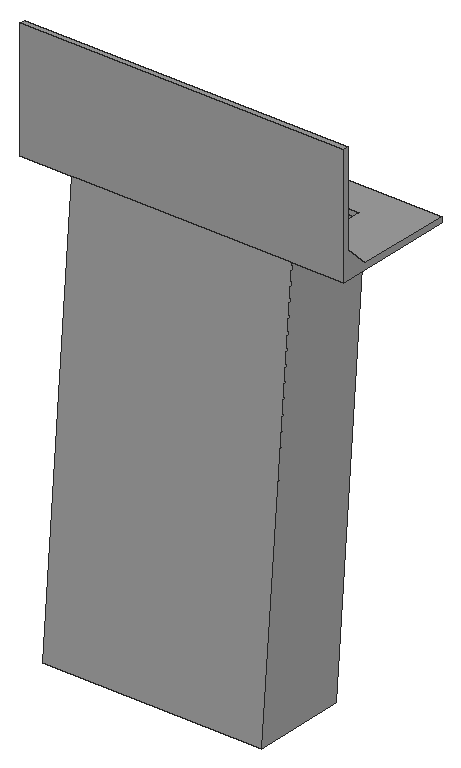
Revit family "Viking Roofspec Scupper 01 M13", category Pipe Fittings, host Face, Revit 2021
Family settings
  Host = Face
  Round Connector Dimension = Use Diameter
  Part Type = Cap
  Cut with Voids When Loaded = Yes
  Shared = No
Parameters (values of type "Scuppers - 200mm x 75mm")
  URL = "www.vikingroofspec.co.nz"
  Type Comments = "Viking Roofspec 200x75mm scupper IMT104, installed as per manufacturers instructions."
  Model = "IMT104"
  Material = Viking Roofspec - Rubber/PVC Grey
  Manufacturer = "Viking Roofspec"  # constant formula
  Leg Cut Offset = 0 mm
  Leg Length Specified [instance] = 389 mm
  Leg Cut Width = 200 mm
  Leg Cut Height = 75 mm
  Flange Cut Width = 5 mm
  Flange Cut Length = 5 mm
  Default Elevation = 0 mm
  Component = IMT104 : IMT104
Reference planes
  plane 1 "Center (Front/Back)": y = 0
  plane 2: z = 0
  plane 3 "Center (Left/Right)": x = 0
  plane 4 "Pipe Connector": z = -116.857
  plane 5: x = -100
  plane 6: x = 100
  plane 7: y = -1.6
  plane 8: y = 73.4
  plane 9: y = -1.6
Forms (mm)
  Extrusion 1, void
    sketch origin (0, 0, 0) x (0, 1, 0) y (0, 0, 1)
      loop
        line (73.4, 0) -> (-1.6, 0) -> (-35.633, -389) -> (39.367, -389) -> (73.4, 0)
    from -100 to 100
  Extrusion 2, void
    sketch origin (0, 0, 0) x (1, 0, 0) y (0, 0, 1)
      loop
        line (-2.5, 5) -> (-2.5, 0) -> (2.5, 0) -> (2.5, 5) -> (-2.5, 5)
    from 0 to 1.6
Lines and regions (mm)
  reference lines
    curve 1: line (0, 73.4, -389) -> (0, -1.6, -389)
Dimensions and locks
  locked: host face to plane 4 "Pipe Connector" at 116.857
  "Leg Length Specified": plane 2 to curve 1
  equal spacing: plane 5, plane 3 "Center (Left/Right)", plane 6
  "Leg Cut Width": plane 5 to plane 6
  "Leg Cut Offset": plane 9 to plane 7
  "Leg Cut Height": plane 7 to plane 8
  locked: plane 9 to plane 1 "Center (Front/Back)" at 1.6
  equal spacing: Extrusion 2 sketch curve, plane 3 "Center (Left/Right)", Extrusion 2 sketch curve
  "Flange Cut Width": Extrusion 2 sketch curve to Extrusion 2 sketch curve
  "Flange Cut Length": Extrusion 2 sketch curve to host face
  locked: Extrusion 1 sketch curve to level (angle 95.00°)  (x2)
  aligned and locked: plane 2 to host face
  aligned and locked: level to host face
  aligned and locked: level to Extrusion 1 sketch curve
  aligned and locked: plane 7 to Extrusion 1 sketch curve
  aligned and locked: plane 8 to Extrusion 1 sketch curve
  aligned and locked: Extrusion 1 sketch curve to level
  aligned and locked: curve 1 to Extrusion 1 sketch curve
  aligned and locked: plane 8 to curve 1
  aligned and locked: plane 7 to curve 1
  aligned and locked: Extrusion 2 to level
  aligned and locked: plane 6 to Extrusion 1
  aligned and locked: Extrusion 1 to plane 5
Automatic sketch dimensions
  host sketch curve to host sketch curve = 2438.4 mm  (x2)
  Extrusion 2 sketch curve to level = 0 mm
Nested families
  nested 1: "IMT104" at (0, -0.006, 0), Leg Length Specified <- "Leg Length Specified", Material <- "Material", type <- "Component", type "IMT104"
    with Real Leg Length 389 mm, Material Viking Roofspec - Rubber/PVC Grey, Leg Length Specified 389 mm
Definition of nested family "IMT104"
  Parameters (values of type "IMT104")
    Real Leg Length [instance] = if(Leg Length Specified < 100 mm, 100 mm, if(Leg Length Specified > 389 mm, 389 mm, Leg Length Specified))  # 389 mm
    Material [instance] = none
    Manufacturer = "Viking Roofspec"  # constant formula
    Leg Length Specified [instance] = 389 mm
    Default Elevation = 1219.2 mm
  Reference planes
    plane 1 "Center (Front/Back)": y = 0
    plane 2: z = 0
    plane 3 "Center (Left/Right)": x = 0
    plane 4: z = -389
  Forms (mm)
    Extrusion 1, solid, material <- "Material"
      sketch origin (0, 0.006, -0.006) x (0, 0, -1) y (0, 1, 0)
        loop
          line (-110, -5) -> (0, -5) -> (0, 108.4) -> (-5, 108.4) -> (-5, 20) -> (-25, 0) -> (-110, 0) -> (-110, -5)
      from -150 to 150
    Extrusion 2, solid, material <- "Material"
      sketch origin (0, 0.006, -0.006) x (0, 0, -1) y (0, 1, 0)
        loop
          line (0, 80.306) -> (0, -5) -> (388.994, -39.033) -> (388.994, 46.273) -> (0, 80.306)
      from -101.6 to 101.6
    Extrusion 3, void
      sketch origin (0, 0.006, -0.006) x (0, 0, -1) y (0, 1, 0)
        loop
          line (388.994, -34.032) -> (388.994, 41.255) -> (3.421, 74.988) -> (-25.006, 74.988) -> (-25.006, -0.012) -> (0.147, -0.012) -> (388.994, -34.032)
      from -100 to 100
  Cuts and joins
    Extrusion 3 cuts Extrusion 1
    Extrusion 3 cuts Extrusion 2
  Dimensions and locks
    "Real Leg Length": level to plane 4
    plane 1 "Center (Front/Back)" to Extrusion 2 sketch curve = 80.312 mm
    plane 1 "Center (Front/Back)" to Extrusion 3 sketch curve = 74.994 mm
    locked: Extrusion 2 sketch curve to level (angle 95.00°)
    locked: level to Extrusion 2 sketch curve (angle 85.00°)
    locked: Extrusion 3 sketch curve to level (angle 95.00°)
    locked: level to Extrusion 3 sketch curve (angle 85.00°)
    aligned and locked: level to plane 2
    aligned and locked: plane 4 to Extrusion 2
  Automatic sketch dimensions
    Extrusion 3 sketch curve to level = 0.153 mm
    Extrusion 3 sketch curve to level = 3.427 mm
    level to Extrusion 3 sketch curve = 25 mm
    plane 1 "Center (Front/Back)" to Extrusion 3 sketch curve = 0.006 mm
    Extrusion 2 sketch curve to plane 4 = 0 mm
    Extrusion 2 sketch curve to level = 0.006 mm
    plane 1 "Center (Front/Back)" to Extrusion 2 sketch curve = 4.994 mm
    plane 4 to Extrusion 3 sketch curve = 0 mm
    plane 1 "Center (Front/Back)" to Extrusion 1 sketch curve = 4.994 mm
    level to Extrusion 1 sketch curve = 109.994 mm
    Extrusion 1 sketch curve to plane 1 "Center (Front/Back)" = 0.006 mm
    Extrusion 1 sketch curve to level = 0.006 mm
    Extrusion 1 sketch curve to Extrusion 1 sketch curve = 20 mm  (x2)
    Extrusion 1 sketch curve to plane 1 "Center (Front/Back)" = 108.406 mm
    level to Extrusion 1 sketch curve = 4.994 mm
